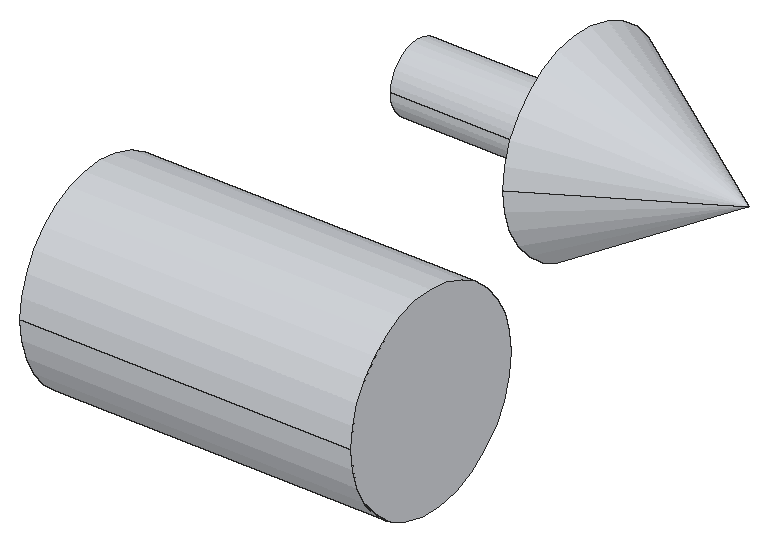
Revit family "Routing Pass Point", category Mechanical Equipment, Revit 2022
Family settings
  Round Connector Dimension = Use Diameter
  Part Type = Normal
  OmniClass Number = 23.75.00.00
  OmniClass Title = Climate Control (HVAC)
  Work Plane-Based = No
  Always vertical = Yes
  Cut with Voids When Loaded = No
  Maintain Annotation Orientation = No
  Shared = No
  Room Calculation Point = No
Parameters
  Default Elevation = 0 mm
  Arent-RoundDuct-MarkupDiameter [instance] = [Arent-RoundDuct-Diameter] + 20 mm  # 30.16 mm
  Arent-RoundDuct-Diameter [instance] = 10.16 mm
Reference planes
  plane 1 "Center (Front/Back)": y = 0
  plane 2: z = 0
  plane 3 "Center (Left/Right)": x = 0
  plane 4: x = -25
  plane 5: x = 25
  plane 6: x = 12.5
  plane 7: y = 60
  plane 8: y = -15.08
  plane 9: y = 15.08
  plane 10: y = 54.92
  plane 11: y = 65.08
Forms (mm)
  Extrusion 1, solid
    sketch origin (0, 0, 0) x (0, 1, 0) y (0, 0, 1)
      loop
        circle (0, 0) r 15.08
    from -25 to 25
  Revolve 2, solid
    sketch origin (0, 0, 0) x (1, 0, 0) y (0, 1, 0)
      loop
        line (25, 60) -> (-25, 60) -> (-25, 54.92) -> (0, 54.92) -> (0, 44.92) -> (25, 60)
      axis (-25, 60) -> (25, 60)
    angle from 0 to 360
Dimensions and locks
  equal spacing: plane 4, plane 3 "Center (Left/Right)", plane 5
  plane 4 to plane 5 = 50 mm
  equal spacing: plane 3 "Center (Left/Right)", plane 6, plane 5
  equal spacing: plane 8, plane 1 "Center (Front/Back)", plane 9
  "Arent-RoundDuct-MarkupDiameter": plane 8 to plane 9
  equal spacing: plane 11, plane 7, plane 10
  plane 11 to plane 9 = 50 mm
  locked: plane 11 to plane 10 at 10.16
  "Arent-RoundDuct-MarkupDiameter": diameter of Extrusion 1 sketch curve
  aligned and locked: level to plane 2
  aligned and locked: Extrusion 1 to plane 4
  aligned and locked: plane 5 to Extrusion 1
  aligned and locked: Revolve 2 sketch curve to plane 7
  aligned and locked: plane 7 to Revolve 2 sketch curve
  aligned and locked: plane 10 to Revolve 2 sketch curve
  aligned and locked: Revolve 2 sketch curve to plane 4
  aligned and locked: Revolve 2 sketch curve to plane 3 "Center (Left/Right)"
Automatic sketch dimensions
  Revolve 2 sketch curve to plane 5 = 0 mm
  Revolve 2 sketch curve to plane 4 = 14.932 mm
  plane 5 to Revolve 2 sketch curve = 30.757 mm
  Revolve 2 sketch curve to Revolve 2 sketch curve = 10 mm
  Extrusion 1 sketch curve to level = 0 mm
  Extrusion 1 sketch curve to plane 1 "Center (Front/Back)" = 0 mm
